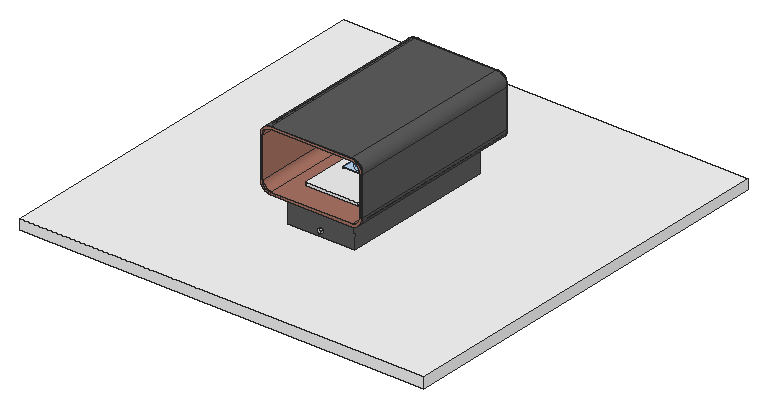
Revit family "BE_50213.6_de_DE", category Leuchten, Revit 2020
Family settings
  Basisbauteil = Fläche
  Bemaßung runder Anschluss = Durchmesser verwenden
  Teiletyp = Normal
  Beim Laden mit Abzugskörper schneiden = Ja
  Lichtquelle = Ja
  Gemeinsam genutzt = Nein
  Raumberechnungspunkt = Ja
Parameters (values of type "BEGA_50213.6_K3")
  built-in parameter 1150104 = 8.7329 (stored number, unit not read)
  Wattage = 10 W
  Default Elevation = 0 mm
  built-in parameter 1150113 = 1 (stored number, unit not read)
  built-in parameter 1114218 = 1 (stored number, unit not read)
  Umgebungstemperatur = "25 °C"
  URL = "https://www.bega.com/de/produkt/50213.6"
  Typenkommentare = "© 2023 BEGA. Wir behalten uns das Recht vor, technische Änderungen ohne vorherige Ankündigung vorzunehmen."  # constant formula
  built-in parameter 1150134 = (empty or 0)
  built-in parameter 1150109 = 1 (stored number, unit not read)
  Strom = ""
  built-in parameter 1150110 = 1 (stored number, unit not read)
  Spannung = 230 V
  Sonderanfertigung = no
  Seriennummer [instance] = "Hier können Sie die eindeutige Seriennummer für das Facility Management eintragen."
  Schutzklasse = "I"
  Schutzart = "IP 20"
  Scheinlast = 0 VA
  Produktdatenblatt = "https://cdn.bega.com/bega/products/50213.6K3/current/documents/data-sheets/de"
  Oberflächentemperatur = ""
  Neigungswinkel = 0.00°
  Modell = "50213.6K3"
  Material_35 = BEGA_Oberfläche_Samtschwarz_matt
  Material_29 = BEGA_Oberfläche_Kupfer_matt
  Material_17 = BEGA_Reflektor
  Material_15 = BEGA_Leuchtmedium_matt
  Material_13 = BEGA_Kunststoff_matt
  Material_08 = BEGA_Oberfläche_Stahl_verzinkt
  Material_06 = BEGA_Oberfläche_Edelstahl_gebürstet
  Material_03 = BEGA_Oberfläche_Weiss_matt
  M_W = no
  M_G = no
  M_A = no
  Logo = 0
  built-in parameter 1114217 = 1 (stored number, unit not read)
  built-in parameter 1150139 = (empty or 0)
  built-in parameter 1150105 = 74.803 (stored number, unit not read)
  built-in parameter 1150114 = 1 (stored number, unit not read)
  Lumens = 940 lm
  built-in parameter 1150115 = 1 (stored number, unit not read)
  Leuchtenlichtstrom = "168 lm"
  Leuchtenanzahl = ""
  Lebensdauerkriterien = "L70B50 @ 25 °C = 90000 h"
  Lastklassifizierung = Beleuchtung
  built-in parameter 1150112 = 1 (stored number, unit not read)
  Lampenlichtstrom = "940 lm"
  Lampe = "LED 10 W"
  LED_Modulbezeichnung = "LED-0607/930"
  Hersteller = "BEGA"  # constant formula
  Halbstreuwinkel = ""
  Gewicht = "0.65 kg"
  Gebrauchslageneinschränkung [instance] = ""
  Frequenz = "50/60 Hz"
  Farbwiedergabeindex = "CRI > 90"
  Farbtemperaturverschiebung bei Dämpfen der Lampe = <Keine Auswahl>
  Farbtemperatur = "3000 K"
  Color Filter = 16777215
  built-in parameter 1150133 = 10 (stored number, unit not read)
  Energieeffizienzklasse = "LED A++ - A"
  built-in parameter 1150137 = (empty or 0)
  built-in parameter 1150132 = (empty or 0)
  ENEC = "ja"
  Dimmbar [instance] = "on/off"
  Datei für fotometrisches Netz = "BE_50213-6K3.ies"
  CE_Konformität = "ja"
  Bestellnummer = "50213.6K3"
  Beschreibung_Sonderanfertigung = "Hier können Sie Informationen zur Sonderanfertigung eintragen."
  Beschreibung = "Wandleuchte"
  built-in parameter 1150106 = 0.74803 (stored number, unit not read)
  Befestigungsbohrung = "Ø 4,5 mm"
  Befestigungsabstand = "90 x 38 mm"
  Ballwurfsicher = ""
  BEGA_Intern_aus = yes
  BEGA_Intern_an = yes
  BEGA_Intern_Konstruktion = yes
  BEGA_Intern = yes
  BEGA_IES = yes
  BEGA_Dummy = no
  Anschlussleitung = ""
  Anschlussleistung [instance] = "10 W"
  Anschlusskasten = ""
  built-in parameter 1150107 = 3000 (stored number, unit not read)
  built-in parameter 1150102 = (empty or 0)
  built-in parameter 1150138 = (empty or 0)
  Aktualisierung = "2023-03-09T04:00:03"
  Abstand_zur_angestrahlten_Fläche [instance] = ""
  AC/DC = "AC"
Reference planes
  plane 1 "Mitte (Vorne/Hinten)": y = 0
  plane 2: z = 0
  plane 3 "Mitte (Links/Rechts)": x = 0
  plane 4 "Links": x = -50.003
  plane 5 "Rechts": x = 50.003
  plane 6 "Unten": y = -90
  plane 7 "Oben": y = 90
  plane 8 "Vorne": z = 88.999
  plane 9 "Hinten": z = 0
Forms (mm)
  Extrusion 1, solid, material "BEGA_Platte_Weiss"
    sketch origin (0, -1119.2, 0) x (1, 0, 0) y (0, 1, 0)
      loop
        line (-200, 1319.2) -> (-200, 919.2) -> (200, 919.2) -> (200, 1319.2) -> (-200, 1319.2)
    from 0 to -10
  Extrusion 2, solid, material "BEGA_Dummy_matt", visible <- "BEGA_Dummy"
    sketch origin (80.095, -76.023, 0) x (1, 0, 0) y (0, 1, 0)
      loop
        line (-130.098, 166.023) -> (-130.098, -13.977) -> (-30.093, -13.977) -> (-30.093, 166.023) -> (-130.098, 166.023)
    from 0 to 88.999
Dimensions and locks
  plane 1 "Mitte (Vorne/Hinten)" to Extrusion 1 = 200 mm
  aligned and locked: Extrusion 1 to plane 2
  aligned and locked: Extrusion 1 to level
Nested families
  nested 1: "BE_50213.6_Leuchte" at (0, 0, 0), type "BE_50213.6_Leuchte"
Connectors
  electrical at (0, 0, 0), driven by "Lastklassifizierung", driven by "Spannung", driven by "Scheinlast"
    settings: index 1, voltage 230 V, apparent load 0 VA, apparent load phase1 0 VA, apparent load phase2 0 VA, apparent load phase3 0 VA, power factor 1, load classification "Beleuchtung", number of poles 1, system type 31, power factor state 1, is connector primary yes, connector utility no, sub classification motor no, connector description ""
Definition of nested family "BE_50213.6_Leuchte"
  Parameters (values of type "BE_50213.6_Leuchte")
    Default Elevation = 1 mm
    URL = "http://www.bega.de/de/produkt"
    Type Comments = "© 2015 BEGA. Wir behalten uns das Recht vor, technische Änderungen ohne vorherige Ankündigung vorzunehmen. "  # constant formula
    Type Image = (empty or 0)
    Neigungswinkel_um_Z2 = 0.00°
    Neigungswinkel_um_Z1 = 0.00°
    Neigungswinkel_um_Y2 = 0.00°
    Neigungswinkel_um_Y1 = 0.00°
    Neigungswinkel_um_X2 = 0.00°
    Neigungswinkel_um_X1 = 0.00°
    Material_35 = none
    Material_29 = none
    Material_17 = none
    Material_15 = none
    Material_13 = none
    Material_08 = none
    Material_06 = none
    Material_03 = none
    M_W = yes
    M_G = yes
    M_A = yes
    Länge_Platte = 200 mm  # constant formula
    Höhe_Platte = -10 mm  # constant formula
    Manufacturer = "BEGA"  # constant formula
    Drehwinkel_um_Z2 = 0.00°
    Drehwinkel_um_Z1 = 0.00°
    Breite_Platte = 350 mm  # constant formula
  Reference planes
    plane 1 "Mitte (Oben/Unten)": y = 0
    plane 2: z = 0
    plane 3 "Mitte (Links/Rechts)": x = 0
    plane 4: x = -50.003
    plane 5: z = 88.999
    plane 6: x = 50.003
    plane 7: y = -90
    plane 8: y = 90
  Forms (mm)
    Extrusion 1, solid, detail levels medium
      sketch origin (0, 0, 0) x (1, 0, 0) y (0, 1, 0)
        loop
          line (-100, 175) -> (-100, -175) -> (100, -175) -> (100, 175) -> (-100, 175)
      from 0 to -10 <- "Höhe_Platte"
    Extrusion 2, solid, material <- "Material_35", detail levels medium+fine
      sketch origin (0, 0, 0) x (1, 0, 0) y (0, 0, 1)
        loop
          line (-33, 0) -> (-30, 0) -> (-29.11, 25.5) -> (29.11, 25.5) -> (30, 0) -> (33, 0) -> (32.494, 29) -> (-32.494, 29) -> (-33, 0)
      from -77.472 to 77.461
    Extrusion 3, solid, material <- "Material_35", detail levels medium+fine
      sketch origin (0, 0, 0) x (1, 0, 0) y (0, 0, 1)
        loop
          line (-32.494, 29) -> (-33, 0) -> (33, 0) -> (32.494, 29) -> (-32.494, 29)
      from 72.594 to 77.461
    Revolve 4, solid, material <- "Material_06", detail levels fine
      sketch origin (0, 0, 0) x (0, 1, 0) y (0, 0, 1)
        loop
          line (-79.5, 8) -> (-79.5, 6) -> (-65.557, 6) -> (-67, 8.5) -> (-76.888, 8.5) -> (-77.551, 8) -> (-79.5, 8)
        axis (-79.5, 6) -> (-65.557, 6)
      angle from 0 to 360
    Extrusion 5, void
      sketch origin (0, 0, 0) x (0, 1, 0) y (0, 0, 1)
        loop
          line (-64.955, 28.8) -> (32, 28.8) -> (32, 36.628) -> (-64.955, 36.628) -> (-64.955, 28.8)
      from -18.781 to 18.7
    Extrusion 6, solid, material <- "Material_03", detail levels medium+fine
      sketch origin (0, 0, 0) x (1, 0, 0) y (0, 1, 0)
        loop
          arc (-25.175, 31.174) -> (-25.884, 30.88) -> (-26.174, 30.169) r 1
          line (-26.174, 30.169) -> (-26.174, -63.169)
          arc (-26.174, -63.169) -> (-25.884, -63.88) -> (-25.175, -64.174) r 1
          line (-25.175, -64.174) -> (25.175, -64.174)
          arc (25.175, -64.174) -> (25.884, -63.88) -> (26.174, -63.169) r 1
          line (26.174, -63.169) -> (26.174, 30.169)
          arc (26.174, 30.169) -> (25.884, 30.88) -> (25.175, 31.174) r 1
          line (25.175, 31.174) -> (-25.175, 31.174)
      from 29 to 33.659
    Revolve 7, solid, material <- "Material_13", detail levels medium+fine
      sketch origin (0, 0, 0) x (1, 0, 0) y (0, 0, 1)
        loop
          arc (0, 53.1) -> (-1.403, 53.04) -> (-2.796, 52.861) r 16.458
          arc (-2.796, 52.861) -> (-10.16, 49.425) -> (-14.774, 42.736) r 15.5
          arc (-14.774, 42.736) -> (-15.878, 38.48) -> (-16.25, 34.1) r 26.067
          line (-16.25, 34.1) -> (16.25, 34.1)
          arc (16.25, 34.1) -> (15.878, 38.48) -> (14.774, 42.736) r 26.067
          arc (14.774, 42.736) -> (10.16, 49.425) -> (2.796, 52.861) r 15.5
          arc (2.796, 52.861) -> (1.403, 53.04) -> (0, 53.1) r 16.458
        axis (-16.25, 22.6) -> (16.25, 22.6)
      angle from -90 to 90
    Extrusion 8, void
      sketch origin (0, 0, 0) x (1, 0, 0) y (0, 0, 1)
        loop
          line (-17.179, 34.1) -> (-17.179, 21.958) -> (17.732, 21.958) -> (17.732, 34.1) -> (-17.179, 34.1)
      from -33.074 to 32.529
    Extrusion 9, solid, material <- "Material_13", detail levels medium+fine
      sketch origin (0, 0, 0) x (1, 0, 0) y (0, 1, 0)
        loop
          line (15.275, 29.714) -> (-15.273, 29.714)
          arc (-15.273, 29.714) -> (-16.848, 29.155) -> (-17.714, 27.726) r 2.489
          line (-17.714, 27.726) -> (-17.714, -27.725)
          arc (-17.714, -27.725) -> (-16.849, -29.154) -> (-15.275, -29.714) r 2.489
          line (-15.275, -29.714) -> (15.273, -29.714)
          arc (15.273, -29.714) -> (16.848, -29.155) -> (17.714, -27.725) r 2.489
          line (17.714, -27.725) -> (17.714, 27.725)
          arc (17.714, 27.725) -> (16.849, 29.154) -> (15.275, 29.714) r 2.489
      from 33.9 to 34.723
    Extrusion 10, solid, material <- "Material_15", detail levels medium+fine
      sketch origin (0, 0, 0) x (1, 0, 0) y (0, 1, 0)
        loop
          line (-12.286, 19.048) -> (-12.286, -19.776) -> (12.491, -19.776) -> (12.491, 19.048) -> (-12.286, 19.048)
      from 31.843 to 33.9
    Extrusion 11, solid, material <- "Material_08", detail levels medium+fine
      sketch origin (0, 0, 0) x (0, 1, 0) y (0, 0, 1)
        loop
          line (-68.164, 9.636) -> (-62.614, 4.086)
          arc (-62.614, 4.086) -> (-61.965, 3.652) -> (-61.2, 3.5) r 2
          line (-61.2, 3.5) -> (66.8, 3.5)
          arc (66.8, 3.5) -> (67.561, 3.651) -> (68.208, 4.08) r 2
          line (68.208, 4.08) -> (73.174, 9.045) -> (71.75, 10.45) -> (66.8, 5.5) -> (-61.2, 5.5) -> (-66.75, 11.05) -> (-68.164, 9.636)
      from -27.928 to 28.002
    Extrusion 12, void
      sketch origin (0, 0, 0) x (1, 0, 0) y (0, 1, 0)
        loop
          arc (20.75, 46.05) -> (23, 48.3) -> (20.75, 50.55) r 2.25
          line (20.75, 50.55) -> (17.25, 50.55)
          arc (17.25, 50.55) -> (15, 48.3) -> (17.25, 46.05) r 2.25
          line (17.25, 46.05) -> (20.75, 46.05)
        loop
          line (7, 42.3) -> (-7, 42.3)
          arc (-7, 42.3) -> (-12.5, 36.8) -> (-7, 31.3) r 5.5
          line (-7, 31.3) -> (7, 31.3)
          arc (7, 31.3) -> (12.5, 36.8) -> (7, 42.3) r 5.5
        loop
          arc (-21.25, -42.95) -> (-19, -45.2) -> (-16.75, -42.95) r 2.25
          line (-16.75, -42.95) -> (-16.75, -39.45)
          arc (-16.75, -39.45) -> (-19, -37.2) -> (-21.25, -39.45) r 2.25
          line (-21.25, -39.45) -> (-21.25, -42.95)
      from 0 to 7
    Extrusion 13, solid, material <- "Material_35", detail levels medium+fine
      sketch origin (0, 0, 0) x (1, 0, 0) y (0, 0, -1)
        loop
          line (-32.494, -29) -> (32.494, -29) -> (33, 0) -> (-33, 0) -> (-32.494, -29)
      from 72.594 to 77.472
    Extrusion 14, solid, material <- "Material_29", detail levels medium+fine
      sketch origin (0, 0, 0) x (1, 0, 0) y (0, 0, -1)
        loop
          line (-40.004, -88.999) -> (40.085, -88.999)
          arc (40.085, -88.999) -> (47.602, -85.594) -> (50, -77.698) r 10
          line (50, -77.698) -> (50, -39)
          arc (50, -39) -> (47.071, -31.929) -> (40, -29) r 10
          line (40, -29) -> (-40.161, -29)
          arc (-40.161, -29) -> (-47.13, -31.985) -> (-50.003, -39) r 10.001
          line (-50.003, -39) -> (-50.003, -79.001)
          arc (-50.003, -79.001) -> (-47.074, -86.071) -> (-40.004, -88.999) r 9.998
        loop
          arc (-47.998, -78.999) -> (-45.654, -84.658) -> (-39.996, -87.001) r 8.002
          line (-39.996, -87.001) -> (40, -87)
          arc (40, -87) -> (45.657, -84.657) -> (48, -79) r 8
          line (48, -79) -> (48, -39)
          arc (48, -39) -> (45.657, -33.343) -> (40, -31) r 8
          line (40, -31) -> (-40, -31)
          arc (-40, -31) -> (-45.722, -33.409) -> (-47.998, -39.185) r 8
          line (-47.998, -39.185) -> (-47.998, -78.999)
      from 89.2 to 90
    Extrusion 15, solid, material <- "Material_29", detail levels medium+fine
      sketch origin (0, 0, 0) x (1, 0, 0) y (0, 0, 1)
        loop
          arc (-40.004, 88.999) -> (-47.074, 86.071) -> (-50.003, 79.001) r 9.998
          line (-50.003, 79.001) -> (-50.003, 39)
          arc (-50.003, 39) -> (-47.13, 31.985) -> (-40.161, 29) r 10.001
          line (-40.161, 29) -> (40, 29)
          arc (40, 29) -> (47.071, 31.929) -> (50, 39) r 10
          line (50, 39) -> (50, 77.698)
          arc (50, 77.698) -> (47.602, 85.594) -> (40.085, 88.999) r 10
          line (40.085, 88.999) -> (-40.004, 88.999)
        loop
          line (-47.998, 78.999) -> (-47.998, 39.185)
          arc (-47.998, 39.185) -> (-45.722, 33.409) -> (-40, 31) r 8
          line (-40, 31) -> (40, 31)
          arc (40, 31) -> (45.657, 33.343) -> (48, 39) r 8
          line (48, 39) -> (48, 79)
          arc (48, 79) -> (45.657, 84.657) -> (40, 87) r 8
          line (40, 87) -> (-39.996, 87.001)
          arc (-39.996, 87.001) -> (-45.654, 84.658) -> (-47.998, 78.999) r 8.002
      from 89.2 to 90
    Extrusion 16, solid, material <- "Material_29", detail levels medium+fine
      sketch origin (0, -90, 0) x (1, 0, 0) y (0, 0, 1)
        loop
          arc (-39.996, 87.001) -> (-45.654, 84.658) -> (-47.998, 78.999) r 8.002
          line (-47.998, 78.999) -> (-47.998, 39.185)
          arc (-47.998, 39.185) -> (-45.722, 33.409) -> (-40, 31) r 8
          line (-40, 31) -> (40, 31)
          arc (40, 31) -> (45.657, 33.343) -> (48, 39) r 8
          line (48, 39) -> (48, 79)
          arc (48, 79) -> (45.657, 84.657) -> (40, 87.001) r 8
          line (40, 87.001) -> (-39.996, 87.001)
        loop
          line (-48.898, 78.999) -> (-48.898, 39.195)
          arc (-48.898, 39.195) -> (-46.362, 32.776) -> (-40, 30.1) r 8.9
          line (-40, 30.1) -> (40, 30.1)
          arc (40, 30.1) -> (46.293, 32.707) -> (48.9, 39) r 8.9
          line (48.9, 39) -> (48.9, 79.184)
          arc (48.9, 79.184) -> (46.229, 85.359) -> (40, 87.901) r 8.902
          line (40, 87.901) -> (-39.996, 87.901)
          arc (-39.996, 87.901) -> (-46.291, 85.294) -> (-48.898, 78.999) r 8.902
      from -0.8 to -179.2
    Extrusion 17, solid, material <- "Material_35", detail levels medium+fine
      sketch origin (0, 0, 0) x (1, 0, 0) y (0, 0, 1)
        loop
          arc (-39.996, 87.901) -> (-46.291, 85.294) -> (-48.898, 78.999) r 8.902
          line (-48.898, 78.999) -> (-48.898, 39.195)
          arc (-48.898, 39.195) -> (-46.362, 32.776) -> (-40, 30.1) r 8.9
          line (-40, 30.1) -> (40, 30.1)
          arc (40, 30.1) -> (46.293, 32.707) -> (48.9, 39) r 8.9
          line (48.9, 39) -> (48.9, 79.184)
          arc (48.9, 79.184) -> (46.229, 85.359) -> (40, 87.901) r 8.902
          line (40, 87.901) -> (-39.996, 87.901)
        loop
          line (40.085, 88.999) -> (-40.004, 88.999)
          arc (-40.004, 88.999) -> (-47.074, 86.071) -> (-50.003, 79.001) r 9.998
          line (-50.003, 79.001) -> (-50.003, 39)
          arc (-50.003, 39) -> (-47.13, 31.985) -> (-40.161, 29) r 10.001
          line (-40.161, 29) -> (40, 29)
          arc (40, 29) -> (47.071, 31.929) -> (50, 39) r 10
          line (50, 39) -> (50, 77.698)
          arc (50, 77.698) -> (47.602, 85.594) -> (40.085, 88.999) r 10
      from -89.2 to 89.2
    Extrusion 18, solid, material <- "Material_17", detail levels medium+fine
      sketch origin (0, 0, 0) x (1, 0, 0) y (0, 0, 1)
        loop
          line (-41.5, 86.25) -> (41.505, 86.25) -> (41.505, 87.069) -> (-41.5, 87.069) -> (-41.5, 86.25)
      from -50.012 to 49.996
  Cuts and joins
    Extrusion 5 cuts Extrusion 2
    Extrusion 5, Extrusion 8 cuts Extrusion 3
    joined: Extrusion 2, Extrusion 3, Extrusion 13
    Extrusion 8 cuts Revolve 7
    joined: Revolve 7, Extrusion 9
    Extrusion 12 cuts Extrusion 11
    joined: Extrusion 14, Extrusion 15, Extrusion 16
  Dimensions and locks
    equal spacing: Extrusion 1 sketch curve, plane 3 "Mitte (Links/Rechts)", Extrusion 1 sketch curve
    equal spacing: Extrusion 1 sketch curve, plane 1 "Mitte (Oben/Unten)", Extrusion 1 sketch curve
    "Länge_Platte": Extrusion 1 sketch curve to Extrusion 1 sketch curve
    "Breite_Platte": Extrusion 1 sketch curve to Extrusion 1 sketch curve
    aligned and locked: Extrusion 1 to plane 2
    aligned and locked: Extrusion 1 to level
  Automatic sketch dimensions
    Extrusion 2 sketch curve to level = 0 mm  (x2)
    Extrusion 2 sketch curve to Extrusion 2 sketch curve = 3 mm  (x2)
    Extrusion 2 sketch curve to Extrusion 2 sketch curve = 3.384 mm  (x2)
    level to Extrusion 2 sketch curve = 25.5 mm
    Extrusion 2 sketch curve to Extrusion 2 sketch curve = 3.5 mm
    Extrusion 3 sketch curve to level = 0 mm
    level to Extrusion 3 sketch curve = 29 mm
    level to Revolve 4 sketch curve = 8 mm
    Revolve 4 sketch curve to Revolve 4 sketch curve = 1.949 mm
    level to Revolve 4 sketch curve = 8.5 mm
    Revolve 4 sketch curve to Revolve 4 sketch curve = 0.664 mm
    Revolve 4 sketch curve to Revolve 4 sketch curve = 9.888 mm
    level to Revolve 4 sketch curve = 6 mm
    Revolve 4 sketch curve to Revolve 4 sketch curve = 1.443 mm
    Revolve 4 sketch curve to Revolve 4 sketch curve = 1.228 mm
    Revolve 4 sketch curve to Revolve 4 sketch curve = 0 mm  (x2)
    Extrusion 5 sketch curve to plane 1 "Mitte (Oben/Unten)" = 32 mm
    level to Extrusion 5 sketch curve = 28.8 mm
    Extrusion 5 sketch curve to Extrusion 5 sketch curve = 7.828 mm
    Revolve 7 sketch curve to plane 3 "Mitte (Links/Rechts)" = 16.25 mm
    Revolve 7 sketch curve to Revolve 7 sketch curve = 6.434 mm  (x2)
    Revolve 7 sketch curve to plane 3 "Mitte (Links/Rechts)" = 0.154 mm
    Revolve 7 sketch curve to plane 3 "Mitte (Links/Rechts)" = 0.001 mm
    plane 3 "Mitte (Links/Rechts)" to Revolve 7 sketch curve = 0.001 mm
    plane 3 "Mitte (Links/Rechts)" to Revolve 7 sketch curve = 0.154 mm
    plane 3 "Mitte (Links/Rechts)" to Revolve 7 sketch curve = 9.816 mm
    level to Revolve 7 sketch curve = 34.088 mm
    Revolve 7 sketch curve to Revolve 7 sketch curve = 0 mm  (x6)
    Revolve 7 sketch curve to Revolve 7 sketch curve = 0.012 mm
    Revolve 7 sketch curve to Revolve 7 sketch curve = 2.554 mm
    Revolve 7 sketch curve to Revolve 7 sketch curve = 0.945 mm
    Revolve 7 sketch curve to Revolve 7 sketch curve = 1.476 mm  (x2)
    Revolve 7 sketch curve to plane 3 "Mitte (Links/Rechts)" = 2.796 mm
    Revolve 7 sketch curve to plane 3 "Mitte (Links/Rechts)" = 0 mm  (x2)
    plane 3 "Mitte (Links/Rechts)" to Revolve 7 sketch curve = 2.796 mm
    plane 3 "Mitte (Links/Rechts)" to Revolve 7 sketch curve = 5.672 mm
    Revolve 7 sketch curve to Revolve 7 sketch curve = 11.488 mm
    Extrusion 8 sketch curve to plane 3 "Mitte (Links/Rechts)" = 17.179 mm
    plane 3 "Mitte (Links/Rechts)" to Extrusion 8 sketch curve = 17.732 mm
    level to Extrusion 8 sketch curve = 21.959 mm
    Extrusion 8 sketch curve to Extrusion 8 sketch curve = 12.142 mm
    Extrusion 9 sketch curve to plane 3 "Mitte (Links/Rechts)" = 17.714 mm
    Extrusion 9 sketch curve to Extrusion 9 sketch curve = 2.438 mm  (x3)
    Extrusion 9 sketch curve to Extrusion 9 sketch curve = 0.003 mm  (x2)
    plane 3 "Mitte (Links/Rechts)" to Extrusion 9 sketch curve = 15.273 mm
    plane 3 "Mitte (Links/Rechts)" to Extrusion 9 sketch curve = 15.276 mm
    plane 1 "Mitte (Oben/Unten)" to Extrusion 9 sketch curve = 29.714 mm
    Extrusion 9 sketch curve to Extrusion 9 sketch curve = 1.988 mm  (x2)
    Extrusion 9 sketch curve to Extrusion 9 sketch curve = 0.501 mm  (x3)
    Extrusion 9 sketch curve to plane 1 "Mitte (Oben/Unten)" = 27.225 mm  (x2)
    Extrusion 9 sketch curve to Extrusion 9 sketch curve = 0 mm  (x4)
    Extrusion 10 sketch curve to plane 3 "Mitte (Links/Rechts)" = 12.286 mm
    plane 3 "Mitte (Links/Rechts)" to Extrusion 10 sketch curve = 12.491 mm
    plane 1 "Mitte (Oben/Unten)" to Extrusion 10 sketch curve = 19.776 mm
    Extrusion 10 sketch curve to plane 1 "Mitte (Oben/Unten)" = 19.048 mm
    level to Extrusion 11 sketch curve = 9.636 mm
    level to Extrusion 11 sketch curve = 11.05 mm
    Extrusion 11 sketch curve to Extrusion 11 sketch curve = 1.414 mm  (x2)
    level to Extrusion 11 sketch curve = 3.5 mm
    Extrusion 11 sketch curve to Extrusion 11 sketch curve = 6.964 mm
    level to Extrusion 11 sketch curve = 5.5 mm
    Extrusion 11 sketch curve to Extrusion 11 sketch curve = 0 mm  (x3)
    level to Extrusion 11 sketch curve = 4.08 mm
    Extrusion 11 sketch curve to Extrusion 11 sketch curve = 1.408 mm
    level to Extrusion 11 sketch curve = 10.45 mm
    Extrusion 11 sketch curve to Extrusion 11 sketch curve = 4.95 mm
    level to Extrusion 11 sketch curve = 9.045 mm
    Extrusion 11 sketch curve to Extrusion 11 sketch curve = 1.424 mm
    level to Extrusion 11 sketch curve = 4.086 mm
    Extrusion 12 sketch curve to Extrusion 12 sketch curve = 2.25 mm  (x2)
    Extrusion 12 sketch curve to plane 3 "Mitte (Links/Rechts)" = 7 mm
    plane 3 "Mitte (Links/Rechts)" to Extrusion 12 sketch curve = 7 mm
    Extrusion 12 sketch curve to Extrusion 12 sketch curve = 10.25 mm
    Extrusion 12 sketch curve to Extrusion 12 sketch curve = 3.5 mm  (x2)
    plane 1 "Mitte (Oben/Unten)" to Extrusion 12 sketch curve = 42.95 mm
    Extrusion 12 sketch curve to plane 1 "Mitte (Oben/Unten)" = 31.3 mm
    Extrusion 12 sketch curve to Extrusion 12 sketch curve = 5.5 mm
    Extrusion 12 sketch curve to Extrusion 12 sketch curve = 3.75 mm
    Extrusion 13 sketch curve to level = 0 mm
    level to Extrusion 13 sketch curve = 29 mm
    Extrusion 14 sketch curve to Extrusion 14 sketch curve = 0 mm  (x3)
    Extrusion 14 sketch curve to Extrusion 14 sketch curve = 2.005 mm
    Extrusion 14 sketch curve to Extrusion 14 sketch curve = 7.915 mm
    Extrusion 14 sketch curve to Extrusion 14 sketch curve = 2 mm
    Extrusion 14 sketch curve to Extrusion 14 sketch curve = 1.998 mm
    Extrusion 14 sketch curve to Extrusion 14 sketch curve = 8.001 mm
    Extrusion 14 sketch curve to Extrusion 14 sketch curve = 0.001 mm  (x2)
    level to Extrusion 14 sketch curve = 39.185 mm
    level to Extrusion 14 sketch curve = 39 mm
    Extrusion 15 sketch curve to Extrusion 15 sketch curve = 0 mm  (x4)
    Extrusion 15 sketch curve to Extrusion 15 sketch curve = 2.005 mm
    Extrusion 15 sketch curve to Extrusion 15 sketch curve = 7.915 mm
    Extrusion 15 sketch curve to Extrusion 15 sketch curve = 2 mm
    level to Extrusion 15 sketch curve = 29 mm
    Extrusion 15 sketch curve to Extrusion 15 sketch curve = 1.301 mm
    Extrusion 15 sketch curve to Extrusion 15 sketch curve = 0.002 mm
    Extrusion 15 sketch curve to Extrusion 15 sketch curve = 1.302 mm
    Extrusion 16 sketch curve to Extrusion 16 sketch curve = 0 mm  (x6)
    Extrusion 15 to Extrusion 16 sketch curve = 8 mm
    Extrusion 16 sketch curve to Extrusion 16 sketch curve = 0.001 mm
    Extrusion 16 sketch curve to Extrusion 16 sketch curve = 0.184 mm
    Extrusion 17 sketch curve to Extrusion 17 sketch curve = 8.902 mm
    Extrusion 17 sketch curve to Extrusion 17 sketch curve = 0.002 mm
    Extrusion 17 sketch curve to Extrusion 17 sketch curve = 1.098 mm
    level to Extrusion 17 sketch curve = 39.195 mm
    Extrusion 17 sketch curve to Extrusion 17 sketch curve = 0.195 mm  (x2)
    Extrusion 17 sketch curve to Extrusion 17 sketch curve = 8.9 mm
    Extrusion 17 sketch curve to Extrusion 17 sketch curve = 8.717 mm
    Extrusion 17 sketch curve to Extrusion 17 sketch curve = 1.486 mm
    Extrusion 6 sketch curve to Extrusion 6 sketch curve = 1 mm  (x4)
    Extrusion 6 sketch curve to Extrusion 6 sketch curve = 0.006 mm  (x5)
    Extrusion 6 sketch curve to plane 1 "Mitte (Oben/Unten)" = 30.169 mm
    Extrusion 6 sketch curve to Extrusion 6 sketch curve = 0 mm  (x3)
    plane 3 "Mitte (Links/Rechts)" to Extrusion 6 sketch curve = 25.175 mm  (x2)
    Extrusion 18 sketch curve to Extrusion 18 sketch curve = 0.819 mm
    Extrusion 2 sketch curve to plane 3 "Mitte (Links/Rechts)" = 29.11 mm
    Extrusion 2 sketch curve to Extrusion 2 sketch curve = 0.89 mm  (x2)
    Extrusion 3 sketch curve to plane 3 "Mitte (Links/Rechts)" = 32.494 mm
    Extrusion 3 sketch curve to Extrusion 3 sketch curve = 0.506 mm  (x2)
    Extrusion 6 sketch curve to plane 3 "Mitte (Links/Rechts)" = 25.175 mm
    Extrusion 12 sketch curve to plane 3 "Mitte (Links/Rechts)" = 16.75 mm
    Extrusion 13 sketch curve to plane 3 "Mitte (Links/Rechts)" = 32.494 mm
    Extrusion 13 sketch curve to Extrusion 13 sketch curve = 0.506 mm  (x2)
    Extrusion 14 sketch curve to plane 3 "Mitte (Links/Rechts)" = 39.996 mm
    Extrusion 14 sketch curve to Extrusion 14 sketch curve = 7.998 mm
    Extrusion 14 sketch curve to Extrusion 14 sketch curve = 0.008 mm
    Extrusion 14 sketch curve to Extrusion 14 sketch curve = 0.161 mm
    Extrusion 15 sketch curve to plane 3 "Mitte (Links/Rechts)" = 39.996 mm
    Extrusion 15 sketch curve to plane 3 "Mitte (Links/Rechts)" = 40 mm
    Extrusion 15 sketch curve to Extrusion 15 sketch curve = 0.001 mm
    Extrusion 15 sketch curve to Extrusion 15 sketch curve = 0.008 mm
    Extrusion 15 sketch curve to Extrusion 15 sketch curve = 0.161 mm
    Extrusion 15 sketch curve to Extrusion 15 sketch curve = 7.993 mm
    Extrusion 17 sketch curve to Extrusion 17 sketch curve = 0 mm  (x2)
    Extrusion 17 sketch curve to plane 3 "Mitte (Links/Rechts)" = 39.996 mm
    Extrusion 17 sketch curve to Extrusion 17 sketch curve = 8.898 mm
    Extrusion 17 sketch curve to Extrusion 17 sketch curve = 0.001 mm
    Extrusion 17 sketch curve to Extrusion 17 sketch curve = 0.008 mm
    Extrusion 17 sketch curve to Extrusion 17 sketch curve = 0.161 mm
    Extrusion 18 sketch curve to plane 3 "Mitte (Links/Rechts)" = 41.5 mm
    plane 3 "Mitte (Links/Rechts)" to Extrusion 2 sketch curve = 29.11 mm
    plane 3 "Mitte (Links/Rechts)" to Extrusion 3 sketch curve = 32.494 mm
    plane 3 "Mitte (Links/Rechts)" to Extrusion 13 sketch curve = 32.494 mm
    plane 3 "Mitte (Links/Rechts)" to Extrusion 14 sketch curve = 40 mm  (x2)
    Extrusion 14 sketch curve to Extrusion 14 sketch curve = 0.085 mm
    plane 3 "Mitte (Links/Rechts)" to Extrusion 15 sketch curve = 40 mm  (x2)
    Extrusion 15 sketch curve to Extrusion 15 sketch curve = 0.085 mm
    plane 3 "Mitte (Links/Rechts)" to Extrusion 17 sketch curve = 40 mm  (x2)
    Extrusion 17 sketch curve to Extrusion 17 sketch curve = 0.085 mm
    plane 3 "Mitte (Links/Rechts)" to Extrusion 18 sketch curve = 41.505 mm
    Extrusion 14 sketch curve to plane 3 "Mitte (Links/Rechts)" = 40.161 mm
    Extrusion 14 sketch curve to Extrusion 14 sketch curve = 38.698 mm
    Extrusion 15 sketch curve to Extrusion 15 sketch curve = 38.698 mm
    Extrusion 17 sketch curve to Extrusion 17 sketch curve = 38.698 mm
    level to Extrusion 18 sketch curve = 86.25 mm
    plane 1 "Mitte (Oben/Unten)" to Revolve 4 sketch curve = 79.5 mm
    plane 1 "Mitte (Oben/Unten)" to Extrusion 5 sketch curve = 64.955 mm
    plane 1 "Mitte (Oben/Unten)" to Extrusion 6 sketch curve = 63.169 mm
    plane 1 "Mitte (Oben/Unten)" to Extrusion 11 sketch curve = 61.2 mm
    Extrusion 11 sketch curve to plane 1 "Mitte (Oben/Unten)" = 66.8 mm
    radius of Extrusion 16 sketch curve to Extrusion 15 = 0 mm  (x3)
    radius of Extrusion 15 to Extrusion 16 sketch curve = 0.9 mm
